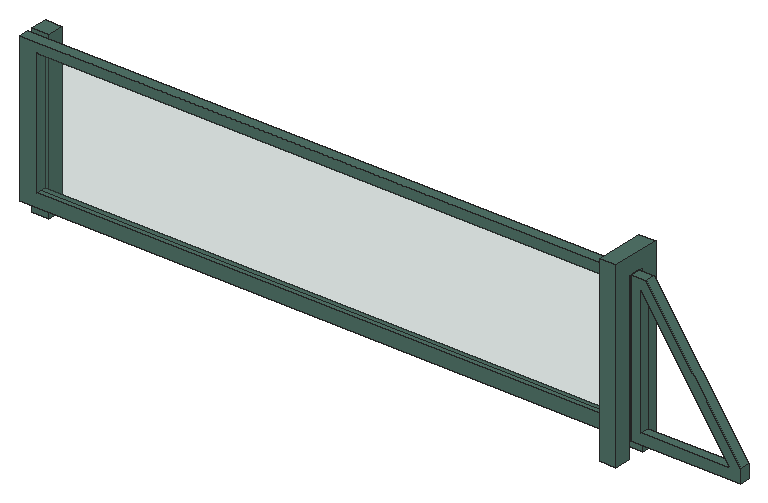
Revit family "Ворота откатные_Открывание вправо", category Специальное оборудование, Revit 2019
Family settings
  Размер круглого соединителя = Использовать диаметр
  Тип детали = Нормальный
  На основе рабочей плоскости = Нет
  Всегда вертикально = Да
  При загрузке вырезать с полостями = Нет
  Общий = Нет
  Точка расчета площади = Нет
Parameters (values of type "Ворота откатные FENCE")
  Ширина усиления [instance] = Высота / 3 * 2  # 666.667 mm
  Ширина [instance] = 3500 mm
  Таблица = if(Заполнение BARS, "GS_BARS_ВПРАВО", "GS_FENCE_ВПРАВО")  # "GS_FENCE_ВПРАВО"
  Материал_Столбы = FENSYS_Столб
  Материал_Сетка = FENSYS_Сетка_50x100
  Изготовитель = "FENSYS"  # constant formula
  Заполнение BARS = no
  Длина ворот 9000-9500 [instance] = and(ADSK_Размер_Ширина > 8500 mm, not(ADSK_Размер_Ширина > 10000 mm))  # no
  Model = ""
  Высота [instance] = 1000 mm
  Длина ворот 7000-8500 [instance] = and(ADSK_Размер_Ширина > 6500 mm, not(ADSK_Размер_Ширина > 8500 mm))  # no
  Длина ворот 3000-6500 [instance] = not(ADSK_Размер_Ширина > 6500 mm)  # yes
  URL = "https://www.fensys.ru/produkciya/vorota_1.html"
  ADSK_Размер_Ширина [instance] = Ширина  # 3500 mm
  ADSK_Размер_Высота [instance] = Высота  # 1000 mm
  ADSK_Обозначение [instance] = size_lookup(Таблица, "ADSK_Обозначение", "Не стандарт", ADSK_Размер_Высота, ADSK_Размер_Ширина)  # "S/SIT/FENCE"
  ADSK_Наименование [instance] = size_lookup(Таблица, "", "Не стандарт", ADSK_Размер_Высота, ADSK_Размер_Ширина)  # "Откатные ворота серии GS-FENCE: HxW (ширина проезда) 1000х3500 мм, заполнение панель, под автоматику, открывание вправо"
  ADSK_Масса [instance] = size_lookup(Таблица, "ADSK_Масса", 0, ADSK_Размер_Высота, ADSK_Размер_Ширина)  # 175
  ADSK_Комплект = "Ворота откатные"  # constant formula
  ADSK_Код изделия [instance] = size_lookup(Таблица, "ADSK_Код изделия", "Не стандарт", ADSK_Размер_Высота, ADSK_Размер_Ширина)  # "21003"
  ADSK_Завод-изготовитель = Изготовитель  # "FENSYS"
  ADSK_Единица измерения = "шт."  # constant formula
Types (3, lengths in mm): name | Ширина | Таблица | Материал_Сетка | Заполнение BARS | ADSK_Размер_Ширина | ADSK_Обозначение | ADSK_Наименование | ADSK_Масса | ADSK_Код изделия
  (no name) | 3500 | "GS_FENCE_ВПРАВО" | FENSYS_Сетка_50x100 | no | 3500 | "S/SIT/FENCE" | "Откатные ворота серии GS-FENCE: HxW (ширина проезда) 1000х3500 мм, заполнение панель, под автоматику, открывание вправо" | 175 | "21003"
  Ворота откатные FENCE | 3500 | "GS_FENCE_ВПРАВО" | FENSYS_Сетка_50x100 | no | 3500 | "S/SIT/FENCE" | "Откатные ворота серии GS-FENCE: HxW (ширина проезда) 1000х3500 мм, заполнение панель, под автоматику, открывание вправо" | 175 | "21003"
  Ворота откатные BARS | 3000 | "GS_BARS_ВПРАВО" | FENSYS_Рейка | yes | 3000 | "S/SIT/BARS" | "Откатные ворота серии GS-BARS: HxW (ширина проезда) 1000х3000 мм, заполнение BARS, под автоматику, открывание вправо" | 174.5 | "21044"
Reference planes
  plane 1 "По центру (Вперед/Назад)": y = 0
  plane 2: z = 0
  plane 3 "По центру (Влево/Вправо)": x = 0
  plane 4: x = 3600
  plane 5: y = 50
  plane 6: y = -50
  plane 7: x = -100
  plane 8: x = 3500
  plane 9: z = 1000
  plane 10: z = 100
  plane 11: y = 20
  plane 12: y = -20
  plane 13: y = -108
  plane 14: y = -112
  plane 15: z = 940
  plane 16: x = 1700
  plane 17: x = 4266.667
Forms (mm)
  Extrusion 1, solid, material "FENSYS_Сетка_50x100" <- "Материал_Сетка", detail levels medium+fine
    sketch origin (0, -110, 0) x (1, 0, 0) y (0, 1, 0)
      loop
        line (0, 2) -> (0, -2) -> (3500, -2) -> (3500, 2) -> (0, 2)
    from 180 to 940
  Extrusion 2, solid, material "FENSYS_Столб"
    sketch origin (0, 0, 0) x (0, 1, 0) y (0, 0, 1)
      loop
        line (-250, 0) -> (-150, 0) -> (-150, 1000) -> (-50, 1000) -> (-50, 0) -> (50, 0) -> (50, 1100) -> (-250, 1100) -> (-250, 0)
    from 3500 to 3600
  Extrusion 3, solid, material "FENSYS_Столб"
    sketch origin (0, 0, 0) x (1, 0, 0) y (0, 1, 0)
      loop
        line (-100, 50) -> (-100, -50) -> (0, -50) -> (0, 50) -> (-100, 50)
    from 0 to 1000
  Extrusion 4, solid, material "FENSYS_Столб" <- "Материал_Столбы", detail levels medium+fine
    sketch origin (-595.039, 0, 0) x (1, 0, 0) y (0, 0, 1)
      loop
        line (495.039, 1000) -> (495.039, 100) -> (4195.039, 100) -> (4195.039, 1000) -> (495.039, 1000)
      loop
        line (595.039, 180) -> (4095.039, 180) -> (4095.039, 940) -> (595.039, 940) -> (595.039, 180)
    from 140 to 80
  Extrusion 5, solid, material "FENSYS_Столб" <- "Материал_Столбы", visible <- "Длина ворот 3000-6500", detail levels medium+fine
    sketch origin (20, 0, 0) x (1, 0, 0) y (0, 0, 1)
      loop
        line (3580, 100) -> (4246.667, 100) -> (4246.667, 178.932) -> (3671.217, 1000) -> (3580, 1000) -> (3580, 100)
      loop
        line (3640, 160) -> (4186.667, 160) -> (3640, 940) -> (3640, 160)
    from 80 to 140
  Extrusion 6, solid, material "FENSYS_Столб" <- "Материал_Столбы", visible <- "Длина ворот 9000-9500", detail levels medium+fine
    sketch origin (5673.297, 0, 250) x (1, 0, 0) y (0, 0, 1)
      loop
        line (-2073.297, -150) -> (-1406.63, -150) -> (-1406.63, 750) -> (-2073.297, 750) -> (-2073.297, -150)
      loop
        line (-2013.297, -90) -> (-1436.63, -90) -> (-1436.63, 690) -> (-2013.297, 690) -> (-2013.297, -90)
    from 80 to 140
  Extrusion 7, solid, material "FENSYS_Столб" <- "Материал_Столбы", visible <- "Длина ворот 9000-9500", detail levels medium+fine
    sketch origin (22200.037, 0, 250) x (-1, 0, 0) y (0, 0, -1)
      loop
        line (17266.703, 150) -> (17266.703, -750) -> (17933.37, -750) -> (17933.37, 150) -> (17266.703, 150)
      loop
        line (17326.703, 90) -> (17326.703, -690) -> (17903.37, -690) -> (17903.37, 90) -> (17326.703, 90)
    from 80 to 140
  Extrusion 8, solid, material "FENSYS_Столб" <- "Материал_Столбы", visible <- "Длина ворот 9000-9500", detail levels medium+fine
    sketch origin (25666.63, 0, 0) x (-1, 0, 0) y (0, 0, -1)
      loop
        line (20793.297, -263.293) -> (21369.963, -940) -> (21369.963, -838.334) -> (20793.297, -160) -> (20793.297, -263.293)
    from 80 to 140
  Extrusion 9, solid, material "FENSYS_Столб" <- "Материал_Столбы", visible <- "Длина ворот 7000-8500", detail levels medium+fine
    sketch origin (-4000, 0, 0) x (1, 0, 0) y (0, 0, 1)
      loop
        line (7600, 1000) -> (7600, 100) -> (8266.667, 100) -> (8266.667, 1000) -> (7600, 1000)
      loop
        line (8206.667, 940) -> (7660, 940) -> (7660, 160) -> (8206.667, 160) -> (8206.667, 940)
    from 80 to 140
  Extrusion 10, solid, material "FENSYS_Столб" <- "Материал_Столбы", visible <- "Длина ворот 7000-8500", detail levels medium+fine
    sketch origin (-4000, 0, 0) x (1, 0, 0) y (0, 0, 1)
      loop
        line (7660, 940) -> (7660, 822.652) -> (8206.667, 160) -> (8206.667, 277.348) -> (7660, 940)
    from 80 to 140
  Extrusion 11, solid, material "FENSYS_Столб" <- "Материал_Столбы", visible <- "Длина ворот 9000-9500", detail levels medium+fine
    sketch origin (-6799.963, 0, 0) x (1, 0, 0) y (0, 0, 1)
      loop
        line (10459.963, 263.293) -> (10459.963, 160) -> (11036.63, 838.334) -> (11036.63, 940) -> (10459.963, 263.293)
    from 80 to 140
Cuts and joins
  joined: Extrusion 9, Extrusion 10
  joined: Extrusion 6, Extrusion 7, Extrusion 8, Extrusion 11
Lines and regions (mm)
  symbolic lines, detail levels coarse+medium
    curve 1: line (-100, -110, 0) -> (3500, -110, 0)
Dimensions and locks
  equal spacing: plane 6, plane 1 "По центру (Вперед/Назад)", plane 5
  plane 7 to plane 3 "По центру (Влево/Вправо)" = 100 mm
  plane 8 to plane 4 = 100 mm
  "ADSK_Размер_Высота": plane 9 to plane 2
  plane 10 to plane 2 = 100 mm
  plane 5 to plane 1 "По центру (Вперед/Назад)" = 50 mm
  equal spacing: plane 12, plane 1 "По центру (Вперед/Назад)", plane 11
  plane 1 "По центру (Вперед/Назад)" to plane 11 = 20 mm
  plane 14 to plane 13 to plane 1 "По центру (Вперед/Назад)" = 4 mm, 108 mm
  plane 13 to plane 1 "По центру (Вперед/Назад)" = 108 mm
  "ADSK_Размер_Ширина": plane 3 "По центру (Влево/Вправо)" to plane 8
  plane 5 to plane 6 = 100 mm
  equal spacing: plane 8, plane 16, plane 7
  Extrusion 2 to Extrusion 2 = 100 mm  (x3)
  locked: Extrusion 2 sketch curve to Extrusion 3 at 100
  locked: Extrusion 2 sketch curve to Extrusion 2 sketch curve at 100  (x2)
  locked: Extrusion 5 sketch curve to Extrusion 5 sketch curve at 60  (x4)
  Extrusion 6 to Extrusion 6 = 900 mm
  locked: Extrusion 6 sketch curve to Extrusion 6 sketch curve at 60  (x3)
  locked: Extrusion 6 sketch curve to Extrusion 6 sketch curve at 30
  locked: Extrusion 7 sketch curve to Extrusion 7 sketch curve at 60  (x3)
  locked: Extrusion 7 sketch curve to Extrusion 7 sketch curve at 30
  Extrusion 7 to Extrusion 7 = 666.667 mm
  "Ширина усиления": plane 17 to plane 4
  locked: Extrusion 9 sketch curve to Extrusion 9 sketch curve at 60  (x4)
  locked: plane 4 to plane 8 at 100
  locked: plane 9 to plane 15 at 60
  locked: plane 3 "По центру (Влево/Вправо)" to plane 7 at 100
  "Ширина усиления": Extrusion 7 to plane 17
  plane 6 to nested 1 = 500 mm
  locked: plane 6 to curve 1 at 60
  aligned and locked: level to plane 2
  aligned and locked: Extrusion 1 sketch curve to plane 13
  aligned and locked: Extrusion 1 sketch curve to plane 14
  aligned and locked: Extrusion 1 to plane 15
  aligned and locked: Extrusion 1 to plane 3 "По центру (Влево/Вправо)"
  aligned and locked: plane 4 to Extrusion 2
  aligned and locked: Extrusion 2 to plane 8
  aligned and locked: Extrusion 3 sketch curve to plane 5
  aligned and locked: Extrusion 3 sketch curve to plane 3 "По центру (Влево/Вправо)"
  aligned and locked: plane 6 to Extrusion 3 sketch curve
  aligned and locked: plane 7 to Extrusion 3 sketch curve
  aligned and locked: plane 9 to Extrusion 3
  aligned and locked: Extrusion 3 to plane 7
  aligned and locked: plane 3 "По центру (Влево/Вправо)" to Extrusion 3
  aligned and locked: plane 7 to Extrusion 3
  aligned and locked: plane 5 to Extrusion 3
  aligned and locked: Extrusion 3 to plane 6
  aligned and locked: Extrusion 2 to level  (x3)
  aligned and locked: Extrusion 4 to plane 9  (x2)
  aligned and locked: Extrusion 4 to plane 10
  aligned and locked: plane 4 to Extrusion 4
  aligned and locked: Extrusion 4 to plane 8
  aligned and locked: plane 15 to Extrusion 4
  aligned and locked: plane 8 to Extrusion 1
  aligned and locked: Extrusion 4 to plane 15
  aligned and locked: Extrusion 4 sketch curve to plane 4
  aligned and locked: plane 8 to Extrusion 4 sketch curve
  aligned and locked: Extrusion 4 sketch curve to plane 10
  aligned and locked: Extrusion 5 to plane 4
  aligned and locked: Extrusion 5 sketch curve to plane 17
  aligned and locked: plane 10 to Extrusion 6
  aligned and locked: Extrusion 6 to plane 9
  aligned and locked: Extrusion 8 sketch curve to Extrusion 7
  aligned and locked: Extrusion 7 to Extrusion 8  (x4)
  aligned and locked: Extrusion 10 to Extrusion 9
  aligned and locked: Extrusion 9 to plane 10
  aligned and locked: Extrusion 9 to plane 9
  aligned and locked: plane 17 to cut or joined group of Extrusion 9, Extrusion 10  (x5)
  aligned and locked: cut or joined group of Extrusion 9, Extrusion 10 to cut or joined group of Extrusion 9, Extrusion 10
  aligned and locked: Extrusion 6 to plane 4
  aligned and locked: plane 17 to Extrusion 6
  aligned and locked: Extrusion 7 to plane 17
  aligned and locked: Extrusion 11 to Extrusion 5
  aligned and locked: Extrusion 11 to Extrusion 6
  aligned and locked: cut or joined group of Extrusion 6, Extrusion 7, Extrusion 8, Extrusion 11 to cut or joined group of Extrusion 9, Extrusion 10
  aligned and locked: cut or joined group of Extrusion 9, Extrusion 10 to cut or joined group of Extrusion 6, Extrusion 7, Extrusion 8, Extrusion 11
  aligned and locked: plane 16 to nested 1
  aligned and locked: Extrusion 2 to curve 1
  aligned and locked: curve 1 to plane 7
Automatic sketch dimensions
  Extrusion 1 sketch curve to plane 3 "По центру (Влево/Вправо)" = 0 mm
  Extrusion 1 sketch curve to plane 8 = 0 mm
  Extrusion 2 sketch curve to plane 6 = 0 mm
  Extrusion 2 sketch curve to plane 5 = 0 mm
  Extrusion 2 sketch curve to level = 0 mm  (x2)
  Extrusion 2 sketch curve to plane 9 = 0 mm
  Extrusion 4 sketch curve to plane 7 = 0 mm
  Extrusion 4 sketch curve to plane 3 "По центру (Влево/Вправо)" = 0 mm
  Extrusion 4 sketch curve to plane 15 = 0 mm
  Extrusion 4 sketch curve to plane 9 = 0 mm
  plane 10 to Extrusion 4 sketch curve = 80 mm
  Extrusion 5 sketch curve to plane 4 = 0 mm
  Extrusion 5 sketch curve to plane 9 = 0 mm
  Extrusion 5 sketch curve to plane 10 = 0 mm
  Extrusion 5 sketch curve to plane 15 = 0 mm
  Extrusion 6 sketch curve to plane 4 = 0 mm
  Extrusion 6 sketch curve to plane 15 = 0 mm
  Extrusion 6 sketch curve to plane 10 = 0 mm
  Extrusion 6 sketch curve to plane 17 = 0 mm
  Extrusion 7 sketch curve to plane 9 = 0 mm
  Extrusion 7 sketch curve to plane 10 = 0 mm
  Extrusion 7 sketch curve to plane 17 = 0 mm
  Extrusion 7 sketch curve to Extrusion 7 sketch curve = 576.667 mm
  Extrusion 8 sketch curve to plane 15 = 0 mm
  Extrusion 8 sketch curve to plane 10 = 163.293 mm
  Extrusion 8 sketch curve to plane 17 = 606.667 mm
  Extrusion 8 sketch curve to plane 10 = 60 mm
  plane 15 to Extrusion 8 sketch curve = 101.666 mm
  Extrusion 9 sketch curve to plane 4 = 0 mm
  Extrusion 9 sketch curve to plane 15 = 0 mm
  Extrusion 9 sketch curve to plane 10 = 0 mm
  Extrusion 9 sketch curve to plane 17 = 0 mm
  Extrusion 10 sketch curve to plane 15 = 0 mm
  plane 4 to Extrusion 10 sketch curve = 60 mm
  Extrusion 10 sketch curve to plane 17 = 60 mm
  Extrusion 10 sketch curve to plane 15 = 117.348 mm
  plane 10 to Extrusion 10 sketch curve = 177.348 mm
  plane 10 to Extrusion 10 sketch curve = 60 mm
  Extrusion 11 sketch curve to plane 15 = 0 mm
  plane 4 to Extrusion 11 sketch curve = 60 mm
  Extrusion 11 sketch curve to plane 17 = 30 mm
  Extrusion 11 sketch curve to plane 15 = 101.666 mm
  plane 10 to Extrusion 11 sketch curve = 163.293 mm
  plane 10 to Extrusion 11 sketch curve = 60 mm
Nested families
  nested 1: "Обозначение_стрелка" at (1700, -550, 0), type "Обозначение_стрелка"
    with Ширина 20 mm
Definition of nested family "Обозначение_стрелка"
  Parameters (values of type "Обозначение_стрелка")
    Ширина [instance] = 500 mm
  Reference planes
    plane 1: y = 0
    plane 2: x = 0
  Lines and regions (mm)
    detail lines
      curve 1: line (-250, 0, 0) -> (250, 0, 0)
      curve 2: line (250, 0, 0) -> (247.952, 1.434, 0)
      curve 3: line (250, 0, 0) -> (247.952, -1.434, 0)
  Dimensions and locks
    equal spacing: curve 1, plane 2, curve 3
    "Ширина": curve 1 to curve 3
  Automatic sketch dimensions
    plane 1 to curve 2 = 0 mm
    curve 2 to plane 1 = 1.434 mm
    curve 2 to curve 1 = 2.048 mm
    plane 1 to curve 3 = 1.434 mm
    curve 3 to curve 1 = 2.048 mm
